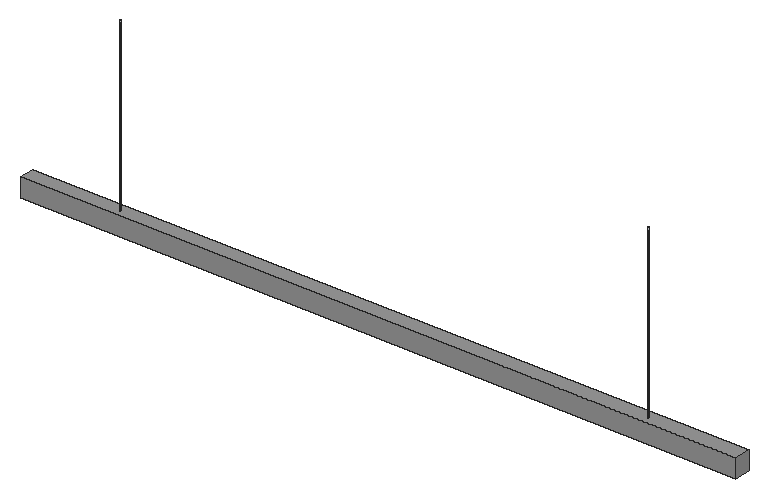
Revit family "HALIMALED_41_3000MM_4000k", category Lighting Fixtures, host Ceiling, Revit 2021
Family settings
  Host = Ceiling
  Round Connector Dimension = Use Diameter
  Part Type = Normal
  OmniClass Number = 23.80.70.11
  OmniClass Title = Luminaries for Internal Lighting
  Always vertical = Yes
  Cut with Voids When Loaded = No
  Light Source = Yes
  Shared = No
  Room Calculation Point = No
Parameters (values of type "Type 1")
  Wattage = 56.0111 W
  built-in parameter 1150110 = 1 (stored number, unit not read)
  Type de lampe = "LED Sanan"
  Type = "Profilé en saillie/suspension"
  built-in parameter 1114217 = 1 (stored number, unit not read)
  Tilt Angle = 90.00°
  Tension = "AC 220-240V"
  built-in parameter 1150109 = 1 (stored number, unit not read)
  built-in parameter 1150134 = 12
  built-in parameter 1150113 = 1 (stored number, unit not read)
  SDCM = "<3"
  Puissance nominale = "80W"
  Photometric Web File = "google_eulumdat_converter (3).ies"
  Matériau = "Aluminium anodisé"
  Maintien du flux = "L80B10 (50 000 heures)"
  Lumens = 8320 lm
  built-in parameter 1150115 = 1 (stored number, unit not read)
  built-in parameter 1150105 = 662.08 (stored number, unit not read)
  built-in parameter 1150137 = (empty or 0)
  built-in parameter 1150139 = (empty or 0)
  built-in parameter 1150112 = 1 (stored number, unit not read)
  built-in parameter 1150114 = 1 (stored number, unit not read)
  built-in parameter 1150132 = 2
  built-in parameter 1150102 = (empty or 0)
  built-in parameter 1150138 = (empty or 0)
  built-in parameter 1150107 = 4000 (stored number, unit not read)
  built-in parameter 1150106 = 6.6208 (stored number, unit not read)
  IRC = ">80"
  Fintion = "Gris aluminium"
  Emit from Line Length = 609.6 mm
  built-in parameter 1150104 = 13.8 (stored number, unit not read)
  Durée de vie = "50 000 heures"
  Driver = "Driver Tridonic en version 230V on/off et Boke en DALI"
  Dimming Lamp Color Temperature Shift = <None>
  Dimensions = "63x78 mm, L = 3000 mm"
  Diffuseur = "Capot diffusant microprismatique"
  Default Elevation = 0 mm
  Color Filter = 16777215
  built-in parameter 1114218 = 1 (stored number, unit not read)
  built-in parameter 1150133 = 10 (stored number, unit not read)
  Angle d'éclairage = "90°"
Reference planes
  plane 1 "Light Source Axis (F/B)": y = 0
  plane 2: z = 0
  plane 3 "Light Source Axis (L/R)": x = 0
  plane 4 "Ceiling": z = 4000
  plane 5 "Light Source Elevation": z = 3246.255
Forms (mm)
  Extrusion 1, solid, material "Aluminium anodisé"
    sketch origin (0, 0, 0) x (0, 1, 0) y (0, 0, 1)
      loop
        line (31.5, 3211) -> (31.5, 3289) -> (-31.5, 3289) -> (-31.5, 3211) -> (-26.5, 3211) -> (-26.5, 3286) -> (26.5, 3286) -> (26.5, 3211) -> (31.5, 3211)
    from -1500 to 1500
  Extrusion 2, solid, material "Aluminium anodisé"
    sketch origin (0, 0, 0) x (1, 0, 0) y (0, 0, 1)
      loop
        line (1500, 3289) -> (1495, 3289) -> (1495, 3211) -> (1500, 3211) -> (1500, 3289)
      loop
        line (-1500, 3289) -> (-1500, 3211) -> (-1495, 3211) -> (-1495, 3289) -> (-1500, 3289)
    from -31.5 to 31.5
  Extrusion 3, solid, material "Glass, White, High Luminance"
    sketch origin (0, 0, 0) x (1, 0, 0) y (0, 0, 1)
      loop
        line (1495, 3211) -> (1495, 3214) -> (-1495, 3214) -> (-1495, 3211) -> (1495, 3211)
    from -26.5 to 26.5
  Extrusion 4, solid
    sketch origin (-284.974, 0, 4000) x (0, -1, 0) y (1, 0, 0)
      loop
        circle (0, 1391.423) r 3
    from 0 to -711
  Extrusion 5, solid
    sketch origin (284.974, 0, 4000) x (0, 1, 0) y (-1, 0, 0)
      loop
        circle (0, 1391.423) r 3
    from 0 to -711
Cuts and joins
  joined: Extrusion 1, Extrusion 2
Lines and regions (mm)
  reference lines
    curve 1: line (0, 0, 3250) -> (0, 0, 3289)
    curve 2: line (0, 0, 3289) -> (-1500, 0, 3289)
    curve 3: line (-1500, 0, 3289) -> (-1500, 0, 3211)
    curve 4: line (-1500, 0, 3211) -> (1500, 0, 3211)
    curve 5: line (1500, 0, 3211) -> (1500, 0, 3289)
    curve 6: line (1500, 0, 3289) -> (0, 0, 3289)
    curve 7: line (0, 0, 3211) -> (0, -31.5, 3211)
    curve 8: line (0, -31.5, 3211) -> (0, -31.5, 3289)
    curve 9: line (0, -31.5, 3289) -> (0, 31.5, 3289)
    curve 10: line (0, 31.5, 3289) -> (0, 31.5, 3211)
    curve 11: line (0, 31.5, 3211) -> (0, 0, 3211)
Dimensions and locks
  equal spacing: host sketch curve, plane 3 "Light Source Axis (L/R)", host sketch curve
  equal spacing: host sketch curve, plane 1 "Light Source Axis (F/B)", host sketch curve
  host sketch curve to host sketch curve = 4000 mm  (x2)
  plane 4 "Ceiling" to host ceiling = 0 mm
  aligned and locked: plane 1 "Light Source Axis (F/B)" to imposter light
  aligned and locked: plane 5 "Light Source Elevation" to imposter light
